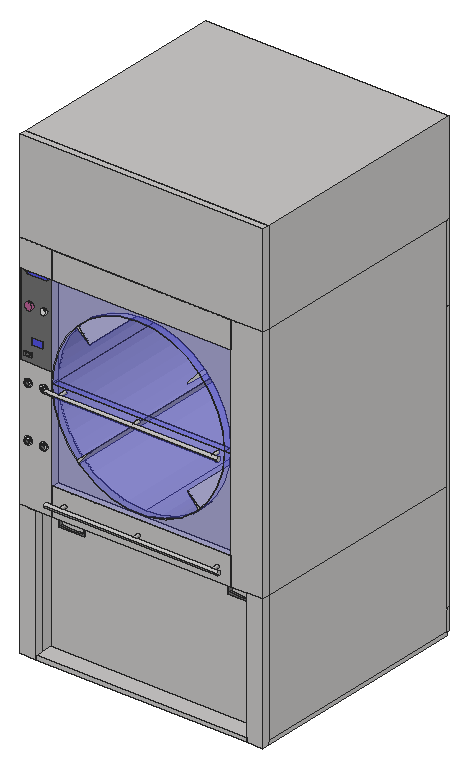
Revit family "QF_ELECTROLUXPROFESSIONAL_1LSPHR_TD6-45SLD_G", category Attrezzature speciali, Revit 2021
Family settings
  Quota connettore circolare = Usa diametro
  Tipo di parte = Normale
  Basato su piano di lavoro = No
  Sempre verticale = Sì
  Taglio con vuoti quando caricato = No
  Condiviso = No
  Punto di calcolo locali = No
Parameters (values of type "1L0HAP")
  Weight in Pounds = 494
  Watts = 3 W
  Volts = 380 V
  URL = "https://www.electroluxprofessional.com"
  Steam Supply Size = 0 mm
  Steam Supply Minimum Pressure = 0.0 Pa
  Steam Supply Maximum Pressure = 0.0 Pa
  Steam Pounds per Hour = 0
  Prospetto di default = 0 mm
  Produttore = "Electrolux Professional"
  Phase = 3
  Model = ""
  Length Actual = 1314 mm
  Item Number = "9875030028"
  Hot Water Size = 0 mm
  Height Actual = 2465 mm
  Gas Size = 0 mm
  Gas KW = 0
  Direct Waste Size = 0 mm
  Description = "TUMBLE DRYER DRUM VOLUME 900L CAPACITY 45KG/100LB SLIDING DOOR "
  Depth Actual = 1300 mm
  Cycle = 50 Hz
  Condensate Return Size = 0 mm
  Compressed Air Volume = 0.0 L/s
  Compressed Air Size = 0 mm
  Compressed Air Pressure = 0.0 Pa
  Cold Water Size = 0 mm
  ALL_MODEL_IMAGE = 0
Types (4, lengths in mm): name | Watts | Item Number
  (no name) | 3 W | "9875030028"
  1L0HAP | 3 W | "9875030028"
  1L82B9 | 2.2 W | "9875030012"
  1LT65E | 3 W | "9875030039"
Reference planes
  plane 1 "Center (Front/Back)": y = 0
  plane 2: z = 0
  plane 3 "Center (Left/Right)": x = 0
  plane 4 "LEFT": x = -645
  plane 5 "RIGHT": x = 675
  plane 6 "BACK": y = 607.5
  plane 7 "FRONT": y = -697.5
  plane 8 "voidPanel": through (0, -279.09, 846.678) normal (0, -0.9308, 0.3656)
  plane 9 "TOP": z = 2550
  plane 10: z = 2050
  plane 11: z = 930
  plane 12 "GasZ": z = 2130
  plane 13 "EI_Z": z = 1670
  plane 14 "SteamReturn_Z": z = 2130
  plane 15 "SteamInletZ": z = 2425
  plane 16: z = 750
  plane 17 "Maniglia": z = 825
  plane 18: x = 510
  plane 19 "STEAM_x": x = 145
  plane 20 "GAS_x": x = 15
  plane 21 "Button1": x = -600
  plane 22 "Button2": x = -515
  plane 23 "AIR_z": z = 330
  plane 24: z = 2660
  plane 25: y = -942.5
Forms (mm)
  Revolve 1, solid, material "Glass"
    sketch origin (0, -25, 1395) x (-1, 0, 0) y (0, -1, 0)
      loop
        line (271.034, -452.879) -> (240.785, -467.184)
        arc (240.785, -467.184) -> (232.42, -469.524) -> (223.77, -470.313) r 47.824
        line (223.77, -470.313) -> (0, -470.313) -> (0, -472.313) -> (223.77, -472.313)
        arc (223.77, -472.313) -> (232.82, -471.484) -> (241.57, -469.025) r 49.824
        line (241.57, -469.025) -> (271.889, -454.687)
        arc (271.889, -454.687) -> (278.705, -450.474) -> (284.416, -444.854) r 35.892
        line (284.416, -444.854) -> (447.003, -444.854)
        arc (447.003, -444.854) -> (463.264, -438.119) -> (470, -421.858) r 22.997
        line (470, -421.858) -> (470, 672.5) -> (465, 672.5) -> (465, -421.858)
        arc (465, -421.858) -> (459.729, -434.583) -> (447.003, -439.854) r 17.997
        line (447.003, -439.854) -> (285.5, -439.854)
        arc (285.5, -439.854) -> (279.222, -447.428) -> (271.034, -452.879) r 33.892
      axis (0, -472.313) -> (0, 672.5)
    angle from 0 to 360
  Extrusion 2, solid, material "QF_Finishes_Rubber Black"
    sketch origin (25, 0, 0) x (1, 0, 0) y (0, 1, 0)
      loop
        circle (-610, 510.1) r 20
    from 0 to 10
  Extrusion 3, solid, material "QF_Finishes_Stainless Steel"
    sketch origin (25, 0, 0) x (1, 0, 0) y (0, 1, 0)
      loop
        circle (-610, 510.1) r 11
    from 10 to 25
  Extrusion 4, solid, material "QF_Finishes_Rubber Black"
    sketch origin (25, 0, 0) x (1, 0, 0) y (0, 1, 0)
      loop
        circle (-610, -596.3) r 20
    from 0 to 10
  Extrusion 5, solid, material "QF_Finishes_Stainless Steel"
    sketch origin (25, 0, 0) x (1, 0, 0) y (0, 1, 0)
      loop
        circle (-610, -596.3) r 11
    from 10 to 25
  Extrusion 6, solid, material "QF_Finishes_Rubber Black"
    sketch origin (-25, 0, 0) x (-1, 0, 0) y (0, -1, 0)
      loop
        circle (-640, -510.1) r 20
    from 0 to 10
  Extrusion 7, solid, material "QF_Finishes_Stainless Steel"
    sketch origin (-25, 0, 0) x (-1, 0, 0) y (0, -1, 0)
      loop
        circle (-640, -510.1) r 11
    from 10 to 25
  Extrusion 8, solid, material "QF_Finishes_Rubber Black"
    sketch origin (-25, 0, 0) x (-1, 0, 0) y (0, -1, 0)
      loop
        circle (-640, 596.3) r 20
    from 0 to 10
  Extrusion 9, solid, material "QF_Finishes_Stainless Steel"
    sketch origin (-25, 0, 0) x (-1, 0, 0) y (0, -1, 0)
      loop
        circle (-640, 596.3) r 11
    from 10 to 25
  Extrusion 10, solid, material "QF_Finishes_Stainless Steel"
    sketch origin (0, 607.5, 0) x (0, 0, 1) y (-1, 0, 0)
      loop
        circle (1670, -510) r 5
    from 35 to 45
  Extrusion 11, solid, material "QF_Finishes_Dark Grey"
    sketch origin (0, -697.5, 0) x (0, 0, 1) y (-1, 0, 0)
      loop
        line (1900, 472) -> (1900, 486.361) -> (1885, 501.361) -> (1885, 601.361) -> (1900, 616.361) -> (1900, 643) -> (1455, 643) -> (1455, 472) -> (1900, 472)
      loop
        line (1547.246, 521.361) -> (1582.246, 521.361) -> (1582.246, 581.361) -> (1547.246, 581.361) -> (1547.246, 521.361)
    from 0 to -40
  Extrusion 12, solid, material "QF_Finishes_Stainless Steel"
    sketch origin (0, -697.5, 0) x (0, 0, 1) y (-1, 0, 0)
      loop
        line (2050, -675) -> (2050, 645) -> (750, 645) -> (750, -675) -> (2050, -675)
      loop
        circle (1395, 0) r 470
    from -1248 to -40
  Extrusion 13, solid, material "QF_Finishes_Stainless Steel"
    sketch origin (0, -697.5, 0) x (0, 0, 1) y (-1, 0, 0)
      loop
        line (2550, 645) -> (2050, 645) -> (2050, -675) -> (2550, -675) -> (2550, 645)
    from 0 to -40
  Extrusion 14, solid, material "QF_Finishes_Stainless Steel"
    sketch origin (0, -697.5, 0) x (0, 0, 1) y (-1, 0, 0)
      loop
        line (2550, 645) -> (2050, 645) -> (2050, -675) -> (2550, -675) -> (2550, 645)
    from -40 to -1260
  Extrusion 15, solid, material "QF_Finishes_Stainless Steel"
    sketch origin (0, 0, 0) x (0, 1, 0) y (0, 0, 1)
      loop
        circle (-742.5, 825) r 10
    from -470 to 470
  Extrusion 16, solid, material "QF_Finishes_Stainless Steel"
    sketch origin (0, -697.5, 0) x (0, 0, 1) y (-1, 0, 0)
      loop
        circle (825, 0) r 7.495
      loop
        circle (825, 400) r 7.495
      loop
        circle (825, -430) r 7.495
    from 0 to 45.288
  Extrusion 17, solid, material "QF_Finishes_Stainless Steel"
    sketch origin (0, 0, 0) x (1, 0, 0) y (0, 1, 0)
      loop
        line (-645, 550.5) -> (-645, -657.5) -> (675, -657.5) -> (675, 550.5) -> (-645, 550.5)
    from 45 to 25
  Extrusion 18, solid, material "QF_Finishes_Stainless Steel"
    sketch origin (0, -697.5, -1800) x (0, 0, 1) y (-1, 0, 0)
      loop
        line (2550, 645) -> (1825, 645) -> (1825, 557.5) -> (2550, 557.5) -> (2550, 645)
      loop
        line (2550, -675) -> (2550, -587.5) -> (1825, -587.5) -> (1825, -675) -> (2550, -675)
    from 0 to -40
  Extrusion 19, solid, material "QF_Finishes_Stainless Steel"
    sketch origin (0, -697.5, -1800) x (0, 0, 1) y (-1, 0, 0)
      loop
        line (2550, 645) -> (1845, 645) -> (1845, -675) -> (2550, -675) -> (2550, 645)
    from -40 to -1248
  Extrusion 20, solid, material "QF_Finishes_Stainless Steel"
    sketch origin (0, 607.5, 0) x (0, 0, 1) y (-1, 0, 0)
      loop
        line (1630, 645) -> (159, 645) -> (159, -675) -> (1630, -675) -> (1630, 645)
      loop
        circle (330, 415) r 165.732
    from 45 to 57
  Extrusion 21, solid, material "QF_Finishes_Stainless Steel"
    sketch origin (0, 607.5, 85) x (0, 0, 1) y (-1, 0, 0)
      loop
        circle (245, 415) r 157.5
    from 27 to 57
  Extrusion 22, solid, material "QF_Finishes_Stainless Steel"
    sketch origin (0, 607.5, 0) x (0, 0, 1) y (-1, 0, 0)
      loop
        line (2050, -675) -> (2050, 645) -> (1630, 645) -> (1630, -335) -> (1710, -335) -> (1710, -635) -> (1630, -635) -> (1630, -675) -> (2050, -675)
    from 45 to 57
  Extrusion 23, solid, material "QF_Finishes_Stainless Steel"
    sketch origin (0, 607.5, 0) x (0, 0, 1) y (-1, 0, 0)
      loop
        circle (1395, 0) r 602.448
    from 82 to 57
  Extrusion 24, solid, material "QF_Finishes_Stainless Steel"
    sketch origin (0, 607.5, 0) x (0, 0, 1) y (-1, 0, 0)
      loop
        line (1811, -415) -> (1731, -415) -> (1731, -495) -> (1811, -495) -> (1811, -415)
    from 35 to 45
  Extrusion 25, solid, material "QF_Finishes_Stainless Steel"
    sketch origin (0, 607.5, 0) x (0, 0, 1) y (-1, 0, 0)
      loop
        circle (1771, -455) r 40
    from 15 to 35
  Extrusion 26, solid, material "QF_Finishes_Stainless Steel"
    sketch origin (0, 607.5, 0) x (0, 0, 1) y (-1, 0, 0)
      loop
        line (1806, -450) -> (1736.952, -450) -> (1736.952, -460) -> (1806, -460) -> (1806, -450)
    from 0 to 15
  Extrusion 27, solid, material "QF_Finishes_Blue"
    sketch origin (0, -697.5, -55) x (0, 0, 1) y (-1, 0, 0)
      loop
        line (1955, 616.361) -> (1940, 601.361) -> (1940, 501.361) -> (1955, 486.361) -> (1955, 616.361)
    from 0 to -40
  Extrusion 28, solid, material "QF_Finishes_Red"
    sketch origin (10, -697.5, -245) x (0, 0, 1) y (-1, 0, 0)
      loop
        circle (1980, 601.361) r 20
    from 10 to 0
  Extrusion 29, solid, material "QF_Finishes_White"
    sketch origin (-1112.721, -697.5, -245) x (0, 0, 1) y (-1, 0, 0)
      loop
        circle (1980, -601.361) r 15
    from 10 to 0
  Extrusion 30, solid, material "QF_Finishes_Blue"
    sketch origin (0, -697.5, -325) x (0, 0, 1) y (-1, 0, 0)
      loop
        line (1907.246, 581.361) -> (1872.246, 581.361) -> (1872.246, 521.361) -> (1907.246, 521.361) -> (1907.246, 581.361)
    from 0 to -40
  Extrusion 31, solid, material "QF_Finishes_Dark Grey"
    sketch origin (0, -697.5, -325) x (0, 0, 1) y (-1, 0, 0)
      loop
        line (1830.636, 611.24) -> (1814.636, 611.24) -> (1814.636, 587.24) -> (1830.636, 587.24) -> (1830.636, 611.24)
      loop
        line (1812.636, 619.24) -> (1812.636, 579.24) -> (1832.636, 579.24) -> (1832.636, 619.24) -> (1812.636, 619.24)
    from 5 to 0
  Extrusion 32, solid, material "QF_Finishes_Dark Grey"
    sketch origin (0, -697.5, -325) x (0, 0, 1) y (-1, 0, 0)
      loop
        line (1815.636, 588.24) -> (1829.636, 588.24) -> (1829.636, 607.24) -> (1815.636, 607.24) -> (1815.636, 588.24)
    from 5 to 0
  Extrusion 33, solid, material "QF_Finishes_Stainless Steel"
    sketch origin (0, 607.5, 0) x (0, 0, 1) y (-1, 0, 0)
      loop
        circle (2130, -15) r 12.7
    from 45 to 35
  Extrusion 34, solid, material "QF_Finishes_Stainless Steel"
    sketch origin (0, -697.5, 0) x (0, 0, 1) y (-1, 0, 0)
      loop
        line (750, 470) -> (2050, 470) -> (2050, 645) -> (750, 645) -> (750, 470)
      loop
        line (1455, 472) -> (1900, 472) -> (1900, 643) -> (1455, 643) -> (1455, 472)
    from 0 to -40
  Extrusion 35, solid, material "Glass"
    sketch origin (-2.279, -697.5, 0) x (0, 0, 1) y (-1, 0, 0)
      loop
        line (1900, 467.721) -> (1395, 467.721) -> (1395, -502.279) -> (1900, -502.279) -> (1900, 467.721)
    from 0 to -40
  Extrusion 36, solid, material "Glass"
    sketch origin (0, -697.5, 0) x (0, 0, 1) y (-1, 0, 0)
      loop
        line (1395, 470) -> (900, 470) -> (900, -500) -> (1395, -500) -> (1395, 470)
    from 0 to -40
  Extrusion 37, solid, material "QF_Finishes_Stainless Steel"
    sketch origin (0, -697.5, 2630) x (0, 0, -1) y (1, 0, 0)
      loop
        line (730, -470) -> (730, 500) -> (580, 500) -> (580, -470) -> (730, -470)
    from 0 to -40
  Extrusion 38, solid, material "QF_Finishes_Stainless Steel"
    sketch origin (0, -697.5, 0) x (0, 0, 1) y (-1, 0, 0)
      loop
        line (750, -500) -> (750, -675) -> (2050, -675) -> (2050, -500) -> (750, -500)
    from -40 to 0
  Extrusion 39, solid, material "QF_Finishes_Stainless Steel"
    sketch origin (0, -697.5, 0) x (0, 0, 1) y (-1, 0, 0)
      loop
        line (900, 470) -> (750, 470) -> (750, -500) -> (900, -500) -> (900, 470)
    from 0 to -40
  Extrusion 40, solid, material "QF_Finishes_Stainless Steel"
    sketch origin (0, -697.5, 0) x (0, 0, 1) y (-1, 0, 0)
      loop
        line (1060.314, 324.828) -> (1131.765, 266.289)
        arc (1131.765, 266.289) -> (1132.937, 266.347) -> (1132.995, 267.518) r 0.873
        line (1132.995, 267.518) -> (1074.442, 338.778)
        arc (1074.442, 338.778) -> (1067.303, 331.878) -> (1060.314, 324.828) r 466.399
      loop
        arc (1060.314, -324.828) -> (1067.303, -331.878) -> (1074.442, -338.778) r 466.399
        line (1074.442, -338.778) -> (1132.995, -267.518)
        arc (1132.995, -267.518) -> (1132.937, -266.347) -> (1131.765, -266.289) r 0.873
        line (1131.765, -266.289) -> (1060.314, -324.828)
      loop
        arc (1729.686, 324.828) -> (1722.697, 331.878) -> (1715.558, 338.778) r 466.399
        line (1715.558, 338.778) -> (1657.005, 267.518)
        arc (1657.005, 267.518) -> (1657.063, 266.347) -> (1658.235, 266.289) r 0.873
        line (1658.235, 266.289) -> (1729.686, 324.828)
      loop
        line (1729.686, -324.828) -> (1658.235, -266.289)
        arc (1658.235, -266.289) -> (1657.063, -266.347) -> (1657.005, -267.518) r 0.873
        line (1657.005, -267.518) -> (1715.558, -338.778)
        arc (1715.558, -338.778) -> (1722.697, -331.878) -> (1729.686, -324.828) r 466.399
    from 0 to -1055.325
  Extrusion 41, solid, material "QF_Finishes_White"
    sketch origin (0, -697.5, 0) x (0, 0, 1) y (-1, 0, 0)
      loop
        circle (1356.391, 600) r 20
      loop
        circle (1356.391, 515) r 20
      loop
        circle (1076.391, 600) r 20
      loop
        circle (1076.391, 515) r 20
    from 0 to 1.6
  Extrusion 42, solid, material "QF_Finishes_White"
    sketch origin (0, -697.5, 0) x (0, 0, 1) y (-1, 0, 0)
      loop
        circle (1356.391, 600) r 14
      loop
        circle (1356.391, 600) r 12.986
      loop
        circle (1356.391, 515) r 9
      loop
        circle (1356.391, 515) r 8
      loop
        circle (1076.391, 600) r 14
      loop
        circle (1076.391, 600) r 12.986
      loop
        circle (1076.391, 515) r 14
      loop
        circle (1076.391, 515) r 12.986
    from 1.6 to 10
  Extrusion 43, solid, material "QF_Finishes_Dark Grey"
    sketch origin (0, -697.5, 0) x (0, 0, 1) y (-1, 0, 0)
      loop
        circle (1356.391, 515) r 8
      loop
        circle (1356.391, 600) r 12.986
      loop
        circle (1076.391, 515) r 12.986
      loop
        circle (1076.391, 600) r 12.986
    from 1.6 to 10
  Extrusion 44, solid, material "QF_Finishes_Stainless Steel"
    sketch origin (0, 0, 570) x (0, 1, 0) y (0, 0, 1)
      loop
        circle (-742.5, 808) r 10
    from -470 to 470
  Extrusion 45, solid, material "QF_Finishes_Stainless Steel"
    sketch origin (0, -697.5, 570) x (0, 0, 1) y (-1, 0, 0)
      loop
        circle (808, 0) r 7.495
      loop
        circle (808, 400) r 7.495
      loop
        circle (808, -430) r 7.495
    from 0 to 45.288
  Extrusion 46, void
    sketch origin (0, -697.5, 0) x (0, 0, 1) y (-1, 0, 0)
      loop
        line (750, 557.5) -> (45, 557.5) -> (45, -587.5) -> (750, -587.5) -> (750, 557.5)
    from 0 to -100
  Extrusion 47, solid, material "QF_Finishes_Stainless Steel"
    sketch origin (0, -697.5, 0) x (0, 0, 1) y (-1, 0, 0)
      loop
        line (45, 557.5) -> (25, 557.5) -> (25, -587.5) -> (45, -587.5) -> (45, 557.5)
    from 0 to -40
  Extrusion 48, void
    sketch origin (0, -697.5, 0) x (0, 0, 1) y (-1, 0, 0)
      loop
        line (699.085, 515) -> (639.085, 515) -> (639.085, 375) -> (699.085, 375) -> (699.085, 515)
      loop
        line (699.085, -545) -> (699.085, -405) -> (639.085, -405) -> (639.085, -545) -> (699.085, -545)
    from -118.33 to -100
  Extrusion 49, solid, material "QF_Finishes_Dark Grey"
    sketch origin (0, -697.5, 0) x (0, 0, 1) y (-1, 0, 0)
      loop
        line (699.085, 515) -> (639.085, 515) -> (639.085, 375) -> (699.085, 375) -> (699.085, 515)
      loop
        line (694.085, 380) -> (694.085, 510) -> (649.085, 510)
        arc (649.085, 510) -> (642.609, 445) -> (649.085, 380) r 329.475
        line (649.085, 380) -> (694.085, 380)
      loop
        line (699.085, -545) -> (699.085, -405) -> (639.085, -405) -> (639.085, -545) -> (699.085, -545)
      loop
        line (694.085, -410) -> (649.085, -410)
        arc (649.085, -410) -> (642.609, -475) -> (649.085, -540) r 329.475
        line (649.085, -540) -> (694.085, -540) -> (694.085, -410)
    from -118.33 to -100
  Extrusion 50, solid, material "QF_Finishes_Stainless Steel"
    sketch origin (0, 607.5, -840) x (0, 0, 1) y (-1, 0, 0)
      loop
        line (999, 645) -> (885, 645) -> (885, -675) -> (999, -675) -> (999, 645)
    from 45 to 57
  Extrusion 51, solid, material "QF_Clearances", detail levels coarse
    sketch origin (0, 0, 0) x (0, 1, 0) y (0, 0, 1)
      loop
        line (-697.5, 45) -> (-697.5, 2550) -> (323.448, 2550) -> (312.689, 2660) -> (-941.264, 2537.358) -> (-697.5, 45)
    from -645 to 675
Cuts and joins
  joined: Extrusion 15, Extrusion 16
  joined: Extrusion 12, Extrusion 23
  Extrusion 46, Extrusion 48 cuts Extrusion 19
  joined: Extrusion 17, Extrusion 47
Lines and regions (mm)
  symbolic lines
    curve 1: line (-645, 562.5, 744.475) -> (675, 562.5, 744.475)
    curve 2: line (-645, -657.5, 744.475) -> (-645, 562.5, 744.475)
    curve 3: line (675, -657.5, 744.475) -> (-645, -657.5, 744.475)
    curve 4: line (675, 562.5, 744.475) -> (675, -657.5, 744.475)
    curve 5: line (-645, -657.5, 744.475) -> (-645, -697.5, 744.475)
    curve 6: line (-645, -697.5, 744.475) -> (675, -697.5, 744.475)
    curve 7: line (675, -697.5, 744.475) -> (675, -657.5, 744.475)
    curve 8: line (-635, -697.5, 744.475) -> (-635, -699.5, 744.475)
    curve 9: line (-635, -699.5, 744.475) -> (-486.361, -699.5, 744.475)
    curve 10: line (-486.361, -699.5, 744.475) -> (-486.361, -697.5, 744.475)
    curve 11: line (-619.24, -699.5, 744.475) -> (-619.24, -707.5, 744.475)
    curve 12: line (-619.24, -707.5, 744.475) -> (-496.361, -707.5, 744.475)
    curve 13: line (-496.361, -707.5, 744.475) -> (-496.361, -699.5, 744.475)
    curve 14: line (-470, -732.5, 744.475) -> (-470, -752.5, 744.475)
    curve 15: line (-470, -752.5, 744.475) -> (470, -752.5, 744.475)
    curve 16: line (470, -752.5, 744.475) -> (470, -732.5, 744.475)
    curve 17: line (470, -732.5, 744.475) -> (437.495, -732.5, 744.475)
    curve 18: line (437.495, -732.5, 744.475) -> (437.495, -697.5, 744.475)
    curve 19: line (422.505, -732.5, 744.475) -> (422.505, -697.5, 744.475)
    curve 20: line (422.505, -732.5, 744.475) -> (-392.505, -732.5, 744.475)
    curve 21: arc (437.495, -732.5, 744.475) -> (430, -735.88, 744.475) -> (422.505, -732.5, 744.475) r 10
    curve 28: line (7.495, -732.5, 744.475) -> (7.495, -697.5, 744.475)
    curve 29: line (-7.495, -732.5, 744.475) -> (-7.495, -697.5, 744.475)
    curve 30: arc (7.495, -732.5, 744.475) -> (0, -735.88, 744.475) -> (-7.495, -732.5, 744.475) r 10
    curve 31: line (-392.505, -732.5, 744.475) -> (-392.505, -697.5, 744.475)
    curve 32: line (-407.495, -732.5, 744.475) -> (-407.495, -697.5, 744.475)
    curve 33: arc (-392.505, -732.5, 744.475) -> (-400, -735.88, 744.475) -> (-407.495, -732.5, 744.475) r 10
  symbolic lines, style "SpecialityEquipmentHiddenLines"
    curve 22: line (495, 562.5, 744.475) -> (495, 592.5, 744.475)
    curve 23: line (495, 592.5, 744.475) -> (415, 592.5, 744.475)
    curve 24: line (415, 592.5, 744.475) -> (415, 562.5, 744.475)
    curve 25: line (450, 592.5, 744.475) -> (450, 607.5, 744.475)
    curve 26: line (450, 607.5, 744.475) -> (460, 607.5, 744.475)
    curve 27: line (460, 607.5, 744.475) -> (460, 592.5, 744.475)
    curve 34: line (-407.495, -732.5, 744.475) -> (-470, -732.5, 744.475)
  symbolic lines, style "QF_Clearances"
    curve 35: line (-645, -697.5, 744.475) -> (-645, -941.264, 744.475)
    curve 36: line (-645, -941.264, 744.475) -> (675, -941.264, 744.475)
    curve 37: line (675, -941.264, 744.475) -> (675, -697.5, 744.475)
Dimensions and locks
  plane 7 "FRONT" to plane 6 "BACK" = 1305 mm
  plane 4 "LEFT" to plane 5 "RIGHT" = 1320 mm
  plane 9 "TOP" to level = 2550 mm
  plane 9 "TOP" to plane 10 = 500 mm
  plane 11 to level = 930 mm
  plane 12 "GasZ" to level = 2130 mm
  plane 13 "EI_Z" to level = 1670 mm
  plane 14 "SteamReturn_Z" to level = 2130 mm
  plane 15 "SteamInletZ" to level = 2425 mm
  locked: plane 10 to plane 16 at 1300
  plane 17 "Maniglia" to level = 825 mm
  plane 5 "RIGHT" to plane 18 = 165 mm
  plane 5 "RIGHT" to plane 19 "STEAM_x" = 530 mm
  plane 5 "RIGHT" to plane 20 "GAS_x" = 660 mm
  level to plane 23 "AIR_z" = 330 mm
  plane 24 to level = 2660 mm
  plane 25 to plane 6 "BACK" = 1550 mm
  aligned and locked: level to plane 2
Connectors
  electrical at (510, 572.5, 1670)
    settings: on Extrusion 10, index 6, voltage 0 V, apparent load 0 VA, apparent load phase1 0 VA, apparent load phase2 0 VA, apparent load phase3 0 VA, power factor 1, load classification "Other", number of poles 1, system type 30, power factor state 1, is connector primary yes, connector utility no, sub classification motor no, connector description "Electrical Connection"
  hvac at (-415, 580.5, 330)
    settings: on Extrusion 21, index 9, duct flow 0.0 L/s, flow factor 0, pres drop 0.0 Pa, loss coef 0, conn angle 0.00°, conn width 304.8 mm, conn height 304.8 mm, conn diameter 315 mm, duct sys type 3, conn prof type 0, flow config 1, flow direction 2, loss method 0, conn ref index -1, conn util no, is conn primary yes, conn desc "Exhaust Air Outlet"
  piping at (15, 572.5, 2130), diameter 25.4
    settings: on Extrusion 33, index 10, connector inside diameter 609.6 mm, connector length 0 mm, flow factor 0, pipe flow 0.0 L/s, pressure drop 0.0 Pa, fitting loss kfactor 0, connector angle 0.00°, fixture units 0, engagement length 0 mm, angle of deflection 0.00°, flow configuration 1, flow direction 1, fitting loss method 0, system type 7, joint type 0, gender type 0, connector reference index -1, connector utility 0, adjustable connector no, is connector primary yes, connector description "GAS Connection"
